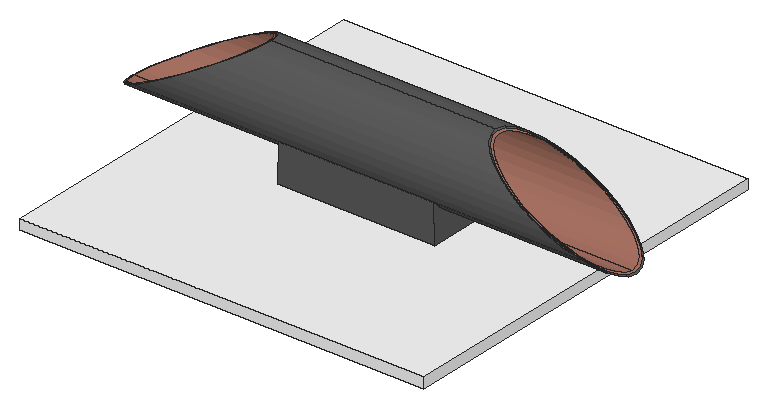
Revit family "BE_51058.6_de_DE", category Leuchten, Revit 2020
Family settings
  Basisbauteil = Fläche
  Bemaßung runder Anschluss = Durchmesser verwenden
  Teiletyp = Normal
  Beim Laden mit Abzugskörper schneiden = Ja
  Lichtquelle = Ja
  Gemeinsam genutzt = Nein
  Raumberechnungspunkt = Ja
Parameters (values of type "BEGA_51058.6_K3")
  built-in parameter 1150104 = 13.116 (stored number, unit not read)
  Wattage = 17 W
  Default Elevation = 0 mm
  built-in parameter 1150113 = 1 (stored number, unit not read)
  built-in parameter 1114218 = 1 (stored number, unit not read)
  Umgebungstemperatur = "25 °C"
  URL = "https://www.bega.com/de/produkt/51058.6"
  Typenkommentare = "© 2023 BEGA. Wir behalten uns das Recht vor, technische Änderungen ohne vorherige Ankündigung vorzunehmen."  # constant formula
  built-in parameter 1150134 = (empty or 0)
  built-in parameter 1150109 = 1 (stored number, unit not read)
  Strom = ""
  built-in parameter 1150110 = 1 (stored number, unit not read)
  Spannung = 239.996 V
  Sonderanfertigung = no
  Seriennummer [instance] = "Hier können Sie die eindeutige Seriennummer für das Facility Management eintragen."
  Schutzklasse = "I"
  Schutzart = "IP 20"
  Scheinlast = 0 VA
  Produktdatenblatt = "https://cdn.bega.com/bega/products/51058.6K3/current/documents/data-sheets/de"
  Neigungswinkel = 0.00°
  Modell = "51058.6K3"
  Material_35 = BEGA_Oberfläche_Samtschwarz_matt
  Material_29 = BEGA_Oberfläche_Kupfer_matt
  Material_21 = BEGA_Oberfläche_Aluminium_poliert
  Material_15 = BEGA_Leuchtmedium_matt
  Material_13 = BEGA_Kunststoff_matt
  M_W = no
  M_G = no
  M_A = no
  Logo = 0
  built-in parameter 1114217 = 1 (stored number, unit not read)
  built-in parameter 1150139 = (empty or 0)
  built-in parameter 1150105 = 190.99 (stored number, unit not read)
  built-in parameter 1150114 = 1 (stored number, unit not read)
  Lumens = 2400.06 lm
  built-in parameter 1150115 = 1 (stored number, unit not read)
  Leuchtenlichtstrom = "404 lm"
  Leuchtenanzahl = ""
  Lebensdauerkriterien = "L70B50 @ 25 °C = 175000 h"
  Lastklassifizierung = Beleuchtung
  built-in parameter 1150112 = 1 (stored number, unit not read)
  Lampenlichtstrom = "2400 lm"
  Lampe = "LED 17 W"
  LED_Modulbezeichnung = "2x LED-0986/930"
  Hersteller = "BEGA"  # constant formula
  Halbstreuwinkel = ""
  Gewicht = "1.2 kg"
  Frequenz = "0/50-60 Hz"
  Farbwiedergabeindex = "CRI > 90"
  Farbtemperaturverschiebung bei Dämpfen der Lampe = <Keine Auswahl>
  Farbtemperatur = "3000 K"
  Color Filter = 16777215
  built-in parameter 1150133 = 10 (stored number, unit not read)
  Energieeffizienzklasse = "LED A++ - A"
  built-in parameter 1150137 = (empty or 0)
  built-in parameter 1150132 = (empty or 0)
  Dimmbar [instance] = "DALI"
  Datei für fotometrisches Netz = "BE_51058-6K3.ies"
  CE_Konformität = "ja"
  Bestellnummer = "51058.6K3"
  Beschreibung_Sonderanfertigung = "Hier können Sie Informationen zur Sonderanfertigung eintragen."
  Beschreibung = "Wandleuchte"
  built-in parameter 1150106 = 1.9099 (stored number, unit not read)
  Befestigungsbohrung = "Ø 4,5 mm"
  Befestigungsabstand = "90 x 38 mm"
  BEGA_Intern_aus = yes
  BEGA_Intern_an = yes
  BEGA_Intern_Konstruktion = yes
  BEGA_Intern = yes
  BEGA_IES = yes
  BEGA_Dummy = no
  Anschlussleistung [instance] = "19.5 W"
  Anschlusskasten = ""
  built-in parameter 1150107 = 3000 (stored number, unit not read)
  built-in parameter 1150102 = (empty or 0)
  built-in parameter 1150138 = (empty or 0)
  Aktualisierung = "2023-01-25T04:00:03"
  AC/DC = "AC/DC"
Reference planes
  plane 1 "Mitte (Vorne/Hinten)": y = 0
  plane 2: z = 0
  plane 3 "Mitte (Links/Rechts)": x = 0
  plane 4 "Links": x = -249.801
  plane 5 "Rechts": x = 249.815
  plane 6 "Unten": y = -40
  plane 7 "Oben": y = 39.908
  plane 8 "Vorne": z = 101.028
Forms (mm)
  Extrusion 1, solid, material "BEGA_Platte_Weiss"
    sketch origin (0, -1119.2, 0) x (1, 0, 0) y (0, 1, 0)
      loop
        line (-200, 1319.2) -> (-200, 919.2) -> (200, 919.2) -> (200, 1319.2) -> (-200, 1319.2)
    from 0 to -10
  Extrusion 2, solid, material "BEGA_Dummy_matt", visible <- "BEGA_Dummy"
    sketch origin (80.095, -76.023, 0) x (1, 0, 0) y (0, 1, 0)
      loop
        line (-329.896, 115.932) -> (-329.896, 36.023) -> (169.72, 36.023) -> (169.72, 115.932) -> (-329.896, 115.932)
    from 0 to 101.028
Dimensions and locks
  plane 1 "Mitte (Vorne/Hinten)" to Extrusion 1 = 200 mm
  aligned and locked: plane 2 to Extrusion 1
  aligned and locked: level to Extrusion 1
Nested families
  nested 1: "BE_51058.6_Leuchte" at (0, 0, 0), type "BE_51058.6_Leuchte"
Connectors
  electrical at (0, 0, 0), driven by "Lastklassifizierung", driven by "Spannung", driven by "Scheinlast"
    settings: index 1, voltage 239.996 V, apparent load 0 VA, apparent load phase1 0 VA, apparent load phase2 0 VA, apparent load phase3 0 VA, power factor 1, load classification "Beleuchtung", number of poles 1, system type 31, power factor state 1, is connector primary yes, connector utility no, sub classification motor no, connector description ""
Definition of nested family "BE_51058.6_Leuchte"
  Parameters (values of type "BE_51058.6_Leuchte")
    Default Elevation = 1 mm
    URL = "http://www.bega.de/de/produkt"
    Type Comments = "© 2015 BEGA. Wir behalten uns das Recht vor, technische Änderungen ohne vorherige Ankündigung vorzunehmen. "  # constant formula
    Type Image = (empty or 0)
    Neigungswinkel_um_Z2 = 0.00°
    Neigungswinkel_um_Z1 = 0.00°
    Neigungswinkel_um_Y2 = 0.00°
    Neigungswinkel_um_Y1 = 0.00°
    Neigungswinkel_um_X2 = 0.00°
    Neigungswinkel_um_X1 = 0.00°
    Material_35 = none
    Material_29 = none
    Material_21 = none
    Material_15 = none
    Material_13 = none
    Länge_Platte = 200 mm  # constant formula
    Höhe_Platte = -10 mm  # constant formula
    Manufacturer = "BEGA"  # constant formula
    Drehwinkel_um_Z2 = 0.00°
    Drehwinkel_um_Z1 = 0.00°
    Breite_Platte = 200 mm  # constant formula
  Reference planes
    plane 1 "Mitte (Oben/Unten)": y = 0
    plane 2: z = 0
    plane 3 "Mitte (Links/Rechts)": x = 0
    plane 4 "Oben": y = 39.908
    plane 5 "Unten": y = -40
    plane 6: x = -249.801
    plane 7: x = 249.815
    plane 8: z = 101.028
  Forms (mm)
    Extrusion 1, solid, detail levels medium
      sketch origin (0, 0, 0) x (1, 0, 0) y (0, 1, 0)
        loop
          line (-100, 100) -> (-100, -100) -> (100, -100) -> (100, 100) -> (-100, 100)
      from 0 to -10 <- "Höhe_Platte"
    Extrusion 2, solid, material <- "Material_35"
      sketch origin (0, 0, 0) x (1, 0, 0) y (0, 0, 1)
        loop
          line (-78.176, 0) -> (76.659, 0) -> (75.967, 39.646) -> (-77.482, 39.799) -> (-78.176, 0)
      from -32.86 to 32.86
    Revolve 3, solid, material <- "Material_35"
      sketch origin (0, 0, 0) x (1, 0, 0) y (0, 0, 1)
        loop
          line (-249.815, 21.028) -> (250.185, 21.028) -> (250.185, 22.028) -> (-249.815, 22.028) -> (-249.815, 21.028)
        axis (-249.815, 61.028) -> (250.185, 61.028)
      angle from 0 to 360
    Extrusion 4, void
      sketch origin (0, 0, 0) x (1, 0, 0) y (0, 0, 1)
        loop
          line (-111.251, 101.028) -> (-264.815, 101.028) -> (-264.815, 12.368) -> (-111.251, 101.028)
        loop
          line (111.251, 101.028) -> (260.185, 15.041) -> (260.185, 101.028) -> (111.251, 101.028)
      from -46.907 to 49.699
    Revolve 5, solid, material <- "Material_13"
      sketch origin (0, 0, 0) x (1, 0, 0) y (0, 0, 1)
        loop
          line (-65.315, 61.028) -> (-60.315, 61.028) -> (-60.315, 98.528) -> (-65.315, 98.528) -> (-65.315, 61.028)
        axis (-65.315, 61.028) -> (-60.315, 61.028)
      angle from 0 to 360
    Extrusion 6, void
      sketch origin (0, 0, 0) x (0, 1, 0) y (0, 0, 1)
        loop
          circle (0, 61.028) r 40
      from -280.352 to 250
    Revolve 7, solid, material <- "Material_13"
      sketch origin (0, 0, 0) x (-1, 0, 0) y (0, 0, 1)
        loop
          line (-65.315, 61.028) -> (-60.315, 61.028) -> (-60.315, 98.528) -> (-65.315, 98.528) -> (-65.315, 61.028)
        axis (-65.315, 61.028) -> (-60.315, 61.028)
      angle from 0 to 360
    Revolve 8, solid, material <- "Material_29"
      sketch origin (0, 0, 0) x (1, 0, 0) y (0, 0, 1)
        loop
          line (250.185, 23.028) -> (-248.083, 23.028) -> (-248.083, 22.028) -> (250.185, 22.028) -> (250.185, 23.028)
        axis (-248.083, 61.028) -> (250.185, 61.028)
      angle from 0 to 360
    Revolve 9, solid, material <- "Material_21"
      sketch origin (0, 0, 0) x (1, 0, 0) y (0, 0, 1)
        loop
          line (-53.352, 97.508) -> (-53.352, 61.007) -> (-50.352, 61.007) -> (-50.352, 97.509) -> (-53.352, 97.508)
        axis (-53.352, 61.007) -> (-50.352, 61.007)
      angle from 0 to 360
    Revolve 10, solid, material <- "Material_21"
      sketch origin (0, 0, 0) x (-1, 0, 0) y (0, 0, 1)
        loop
          line (-53.352, 97.508) -> (-53.352, 61.007) -> (-50.352, 61.007) -> (-50.352, 97.509) -> (-53.352, 97.508)
        axis (-53.352, 61.007) -> (-50.352, 61.007)
      angle from 0 to 360
    Revolve 11, solid, material <- "Material_15"
      sketch origin (0, 0, 0) x (1, 0, 0) y (0, 0, 1)
        loop
          line (-54.895, 66.007) -> (-54.895, 61.007) -> (-53.352, 61.007) -> (-53.352, 66.007) -> (-54.895, 66.007)
        axis (-54.895, 61.007) -> (-53.352, 61.007)
      angle from 0 to 360
    Revolve 12, solid, material <- "Material_15"
      sketch origin (0, 0, 0) x (-1, 0, 0) y (0, 0, 1)
        loop
          line (-54.895, 66.007) -> (-54.895, 61.007) -> (-53.352, 61.007) -> (-53.352, 66.007) -> (-54.895, 66.007)
        axis (-54.895, 61.007) -> (-53.352, 61.007)
      angle from 0 to 360
    Extrusion 13, void
      sketch origin (0, 0, 0) x (1, 0, 0) y (0, 1, 0)
        loop
          arc (-31.039, 6.279) -> (-36.539, 11.779) -> (-42.039, 6.279) r 5.5
          line (-42.039, 6.279) -> (-42.039, -7.721)
          arc (-42.039, -7.721) -> (-36.539, -13.221) -> (-31.039, -7.721) r 5.5
          line (-31.039, -7.721) -> (-31.039, 6.279)
        loop
          circle (-57.039, -19.721) r 2
        loop
          circle (51.961, 18.279) r 2
      from 0 to 19.522
  Cuts and joins
    Extrusion 4, Extrusion 13 cuts Revolve 3
    Extrusion 6, Extrusion 13 cuts Extrusion 2
    Extrusion 4, Extrusion 13 cuts Revolve 8
    Extrusion 13 cuts Revolve 10
  Dimensions and locks
    equal spacing: Extrusion 1 sketch curve, plane 3 "Mitte (Links/Rechts)", Extrusion 1 sketch curve
    equal spacing: Extrusion 1 sketch curve, plane 1 "Mitte (Oben/Unten)", Extrusion 1 sketch curve
    "Länge_Platte": Extrusion 1 sketch curve to Extrusion 1 sketch curve
    "Breite_Platte": Extrusion 1 sketch curve to Extrusion 1 sketch curve
    plane 1 "Mitte (Oben/Unten)" to Extrusion 1 = 100 mm  (x3)
    aligned and locked: plane 2 to Extrusion 1
    aligned and locked: level to Extrusion 1
  Automatic sketch dimensions
    Extrusion 2 sketch curve to level = 0 mm
    Extrusion 2 sketch curve to plane 3 "Mitte (Links/Rechts)" = 78.176 mm
    Extrusion 2 sketch curve to Extrusion 2 sketch curve = 0.695 mm
    plane 3 "Mitte (Links/Rechts)" to Extrusion 2 sketch curve = 75.967 mm
    level to Extrusion 2 sketch curve = 0 mm
    Extrusion 2 sketch curve to Extrusion 2 sketch curve = 0.692 mm
    level to Extrusion 2 sketch curve = 39.646 mm
    level to Extrusion 2 sketch curve = 39.799 mm
    Revolve 3 sketch curve to plane 6 = 0.014 mm
    plane 7 to Revolve 3 sketch curve = 0.369 mm
    level to Revolve 3 sketch curve = 21.028 mm
    Revolve 3 sketch curve to Revolve 3 sketch curve = 1 mm
    Revolve 3 sketch curve to plane 6 = 2.014 mm
    plane 7 to Revolve 3 sketch curve = 2.369 mm
    Revolve 3 sketch curve to Revolve 3 sketch curve = 39 mm
    Extrusion 4 sketch curve to plane 8 = 0 mm  (x2)
    Extrusion 4 sketch curve to plane 6 = 15.014 mm
    Extrusion 4 sketch curve to plane 3 "Mitte (Links/Rechts)" = 111.251 mm
    plane 3 "Mitte (Links/Rechts)" to Extrusion 4 sketch curve = 111.251 mm
    plane 7 to Extrusion 4 sketch curve = 10.369 mm
    level to Extrusion 4 sketch curve = 15.041 mm
    level to Extrusion 4 sketch curve = 12.368 mm
    plane 8 to Revolve 5 sketch curve = 2.5 mm
    Revolve 5 sketch curve to plane 3 "Mitte (Links/Rechts)" = 65.315 mm
    Revolve 5 sketch curve to Revolve 5 sketch curve = 5 mm
    Revolve 5 sketch curve to Revolve 5 sketch curve = 37.5 mm
    Revolve 5 sketch curve to plane 6 = 2.014 mm
    plane 7 to Revolve 5 sketch curve = 2.369 mm
    plane 8 to Revolve 5 sketch curve = 40 mm
    Extrusion 6 sketch curve to Extrusion 6 sketch curve = 0 mm  (x2)
    Extrusion 6 sketch curve to plane 1 "Mitte (Oben/Unten)" = 0 mm
    plane 8 to Extrusion 6 sketch curve = 0 mm
    plane 8 to Extrusion 6 sketch curve = 40 mm
    Revolve 7 sketch curve to plane 8 = 2.5 mm
    Revolve 7 sketch curve to plane 3 "Mitte (Links/Rechts)" = 65.315 mm
    Revolve 7 sketch curve to Revolve 7 sketch curve = 5 mm
    Revolve 7 sketch curve to Revolve 7 sketch curve = 37.5 mm
    Revolve 7 sketch curve to plane 7 = 2 mm
    plane 6 to Revolve 7 sketch curve = 2.383 mm
    Revolve 7 sketch curve to plane 8 = 40 mm
    plane 6 to Revolve 8 sketch curve = 1.718 mm
    plane 7 to Revolve 8 sketch curve = 0.369 mm
    level to Revolve 8 sketch curve = 22.028 mm
    Revolve 8 sketch curve to Revolve 8 sketch curve = 1 mm
    Revolve 8 sketch curve to plane 6 = 2.014 mm
    plane 7 to Revolve 8 sketch curve = 2.369 mm
    Revolve 8 sketch curve to Revolve 8 sketch curve = 38 mm
    Revolve 9 sketch curve to plane 3 "Mitte (Links/Rechts)" = 53.352 mm
    Revolve 9 sketch curve to Revolve 9 sketch curve = 3 mm
    plane 8 to Revolve 9 sketch curve = 40.021 mm
    plane 8 to Revolve 9 sketch curve = 3.52 mm
    Revolve 9 sketch curve to Revolve 9 sketch curve = 0.001 mm
    Revolve 9 sketch curve to Revolve 9 sketch curve = 2.852 mm
    Revolve 9 sketch curve to Revolve 9 sketch curve = 4.148 mm
    Revolve 9 sketch curve to Revolve 9 sketch curve = 0 mm
    Revolve 10 sketch curve to plane 3 "Mitte (Links/Rechts)" = 53.352 mm
    Revolve 10 sketch curve to Revolve 10 sketch curve = 3 mm
    Revolve 10 sketch curve to plane 8 = 40.021 mm
    Revolve 10 sketch curve to plane 8 = 3.52 mm
    Revolve 10 sketch curve to Revolve 10 sketch curve = 0.001 mm
    Revolve 10 sketch curve to Revolve 10 sketch curve = 2.852 mm
    Revolve 10 sketch curve to Revolve 10 sketch curve = 4.148 mm
    Revolve 10 sketch curve to Revolve 10 sketch curve = 0 mm
    Revolve 12 sketch curve to plane 8 = 35.021 mm
    Revolve 12 sketch curve to plane 3 "Mitte (Links/Rechts)" = 54.895 mm
    Revolve 12 sketch curve to Revolve 12 sketch curve = 1.542 mm
    Revolve 12 sketch curve to Revolve 12 sketch curve = 5 mm
    Revolve 12 sketch curve to Revolve 12 sketch curve = 1.647 mm
    Revolve 12 sketch curve to Revolve 12 sketch curve = 1.811 mm
    Revolve 12 sketch curve to Revolve 12 sketch curve = 0 mm
    Extrusion 13 sketch curve to plane 1 "Mitte (Oben/Unten)" = 6.279 mm
    Extrusion 13 sketch curve to plane 3 "Mitte (Links/Rechts)" = 42.039 mm
    plane 1 "Mitte (Oben/Unten)" to Extrusion 13 sketch curve = 7.721 mm
    Extrusion 13 sketch curve to Extrusion 13 sketch curve = 0 mm  (x2)
    Extrusion 13 sketch curve to Extrusion 13 sketch curve = 5.5 mm
    Revolve 11 sketch curve to plane 3 "Mitte (Links/Rechts)" = 54.895 mm
    Revolve 11 sketch curve to Revolve 11 sketch curve = 1.542 mm
    plane 8 to Revolve 11 sketch curve = 40.021 mm
    Revolve 11 sketch curve to Revolve 11 sketch curve = 5 mm
    Revolve 11 sketch curve to Revolve 11 sketch curve = 1.647 mm
    Revolve 11 sketch curve to Revolve 11 sketch curve = 1.811 mm
    Revolve 11 sketch curve to Revolve 11 sketch curve = 0 mm
